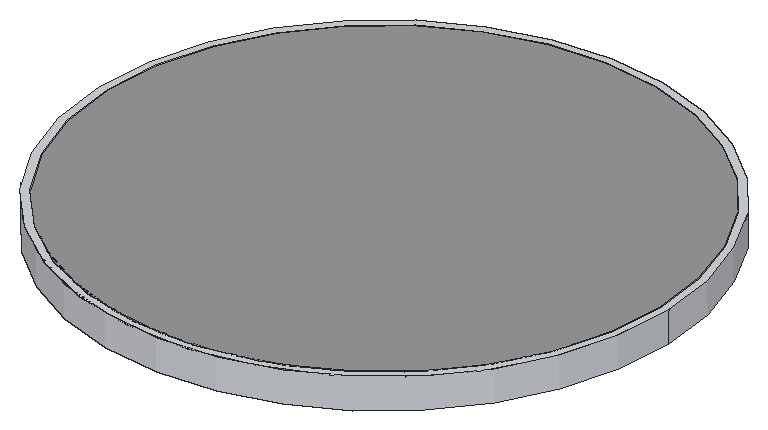
Revit family "2071307", category Lighting Fixtures, host Face, Revit 2018
Family settings
  Host = Face
  Round Connector Dimension = Use Diameter
  Part Type = Junction Box
  OmniClass Number = 23.80.70.00
  OmniClass Title = Lighting
  Cut with Voids When Loaded = No
  Light Source = Yes
  Shared = No
  Room Calculation Point = No
Parameters (values of type "2071307 COLOSSAL 1200 830 OP DIR+H WHT SSA02")
  iner diameter = 1168 mm
  Weight = "n/a"
  Wattage Comments = ""
  Wattage = 30 W
  WarrantyStartDate [instance] = "n/a"
  WarrantyGuarantorParts = "n/a"
  WarrantyDurationUnit = "n/a"
  WarrantyDurationParts = ""
  WarrantyDescription = "http://www.sylvania-lighting.com"
  built-in parameter 1150110 = 1 (stored number, unit not read)
  Voltage = 230 V
  URL = "0.95"
  TypeName = "COLOSSAL 1200mm 830 OPAL DIR+HAL WHITE SSA02"
  Type Image = <None>
  Type Comments = "n/a"
  built-in parameter 1114217 = 1 (stored number, unit not read)
  Tilt Angle = -90.00°
  built-in parameter 1150109 = 1 (stored number, unit not read)
  built-in parameter 1150134 = (empty or 0)
  built-in parameter 1150113 = 1 (stored number, unit not read)
  SerialNumber [instance] = "n/a"
  Photometric Web File = "2071307.ies"
  Material_3_SYL = LED-Sylvania
  PowerFactor = 0
  PowerConsumption = "Lighting"
  NominalLength = 1168 mm
  NominalHeight = 93 mm
  NominalDepth = 1168 mm
  Name = "COLOSSAL 1200mm 830 OPAL DIR+HAL WHITE SSA02"
  ModelReference = Name  # "COLOSSAL 1200mm 830 OPAL DIR+HAL WHITE SSA02"
  ModelNumber = "2071307"
  Model = Name  # "COLOSSAL 1200mm 830 OPAL DIR+HAL WHITE SSA02"
  Material = "Feilo Sylvania"
  ManufacturerName = "138 lm/W"
  Manufacturer = ""
  LuminousEfficacy = ""
  built-in parameter 1150105 = 270.44 (stored number, unit not read)
  Lumens = 3398.4 lm
  LuminaireType = "0"
  built-in parameter 1150115 = 1 (stored number, unit not read)
  LightOutputRatio = "LED"
  built-in parameter 1150137 = (empty or 0)
  built-in parameter 1150139 = (empty or 0)
  LampsType = Lamp  # "n/a"
  LampNominalLuminous = "3000 K"
  LampMacAdamStep = "80"
  LampColourTemperature = "LED"
  LampColourRenderingIndex = "16500"
  built-in parameter 1150112 = 1 (stored number, unit not read)
  built-in parameter 1150114 = 1 (stored number, unit not read)
  Lamp = "n/a"
  Keynote = "n/a"
  InstallationDate [instance] = "n/a"
  InputVoltage = "0"
  InputNominalFrequency = "3000"
  built-in parameter 1150132 = (empty or 0)
  built-in parameter 1150102 = (empty or 0)
  built-in parameter 1150107 = 3000 (stored number, unit not read)
  built-in parameter 1150138 = (empty or 0)
  IngressProtection = "IfcLightFixtureType"
  ImpactProtectionIndex = "IfcLightFixtureType"
  built-in parameter 1150106 = 2.7044 (stored number, unit not read)
  IfcExportType = "IfcLightFixtureType"
  IfcExportAs = "Class I"
  Emit from Circle Diameter = 385 mm
  Emit Shape Visible in Rendering = no
  ElectricShockClassification = "138"
  built-in parameter 1150104 = 10.524 (stored number, unit not read)
  DocumentationLiterature = "http://www.sylvania-lighting.com/product/en-int/products/2071307"
  DimmingControlOptions = "n/a"
  Material_2_SYL = Polycarbonate_Sylvania_White
  Dimming Lamp Color Temperature Shift = <None>
  Description = "1200mm diameter circular architectural luminaire, can be surface mounted or suspended. Powder coated aluminium housing (RAL9016) with polycarbonate opal diffuser. Direct/indirect (halo) light distribution, 21130lm luminuous flux, 153.6W system power, 138lm/W luminiaire efficacy. Sylsmart Connected enabled. Colour rendering index Ra >80, 3000K Warm White LED, chromaticity tolerance of 3-step MacAdam ellipse. IP40/IP20, IK03. 450mA drive current. Electrical protection Class1, 220-240V. Reported lifetime 66k hours L90B10."
  Default Elevation = 1219.2 mm
  CreatedOn = "23/03/2022"
  CreatedBy = "@sylvania-lighting.com"
  Cost = 0
  Color Filter = 16777215
  built-in parameter 1114216 [instance] = (empty or 0)
  ClassificationValue = "EF_70_80"
  ClassificationName = "Uniclass2015"
  Material_1_SYL = Polycarbonate_Sylvania_Opal
  BarCode [instance] = "n/a"
  built-in parameter 1114218 = 1 (stored number, unit not read)
  built-in parameter 1150133 = 10 (stored number, unit not read)
  AssetType = "Fixed"
  AssetIdentifier [instance] = "n/a"
  Assembly Code = "D5020200"
  Apparent Load = 153.6 VA
  Material_4_SYL = none
Reference planes
  plane 1 "Center (Front/Back)": y = 0
  plane 2: z = 0
  plane 3 "Center (Left/Right)": x = 0
  plane 4: z = 1.161
  plane 5: z = 16.161
  plane 6: y = 584
  plane 7: y = -584
  plane 8: x = 85
  plane 9: x = -85
  plane 10: through (0, 0, 1219.2) normal (0.5, 0.866, 0)
  plane 11: through (42.5, 73.612, 1219.2) normal (0.5, 0.866, 0)
  plane 12: through (-42.5, -73.612, 1219.2) normal (0.5, 0.866, 0)
  plane 13: through (0, 0, 1219.2) normal (0.5, -0.866, 0)
  plane 14: through (-42.5, 73.612, 1219.2) normal (0.5, -0.866, 0)
  plane 15: through (42.5, -73.612, 1219.2) normal (0.5, -0.866, 0)
  plane 16: z = 93
  plane 17: y = 584
  plane 18: y = -584
  plane 19: y = -429
  plane 20: x = -584
  plane 21: x = 584
Forms (mm)
  Extrusion 1, solid, detail levels medium+fine
    sketch origin (0, 0, 0) x (0.866025, -0.5, 0) y (0.5, 0.866025, 0)
      loop
        circle (-50, 86.603) r 22
    from 0 to 2
  Extrusion 2, solid, detail levels medium+fine
    sketch origin (0, 0, 0) x (0.866025, -0.5, 0) y (0.5, 0.866025, 0)
      loop
        circle (100, 0) r 22
      loop
        circle (-50, -86.603) r 22
    from 0 to 2
  Extrusion 3, solid, detail levels medium+fine
    sketch origin (0, 0, 0) x (1, 0, 0) y (0, 1, 0)
      loop
        circle (0, 0) r 584
    from 30 to 93
  Extrusion 4, void
    sketch origin (0, 0, 0) x (1, 0, 0) y (0, 1, 0)
      loop
        circle (0, 0) r 568
    from 96.588 to 37.292
  Extrusion 5, solid, material "Glass, White, High Luminance", detail levels fine
    sketch origin (0, 0, 0) x (1, 0, 0) y (0, 1, 0)
      loop
        circle (0, 0) r 568
    from 88.022 to 93
  Extrusion 6, solid, detail levels coarse
    sketch origin (0, 0, 0) x (1, 0, 0) y (0, 1, 0)
      loop
        line (-584, 584) -> (-584, -584) -> (584, -584) -> (584, 584) -> (-584, 584)
    from 0 to 93
  Blend 7, solid, detail levels medium+fine
    base sketch origin (-10.814, 11.299, 29.922) x (1, 0, 0) y (0, 1, 0)
      loop
        line (-402.654, -330.622) -> (397.346, -330.622) -> (482.346, -183.398) -> (82.346, 509.423) -> (-87.654, 509.423) -> (-487.654, -183.398) -> (-402.654, -330.622)
    top sketch origin (-10.814, 11.299, 29.922) x (1, 0, 0) y (0, 1, 0)
      loop
        line (-363.391, -306.496) -> (364.632, -306.496) -> (449.632, -159.272) -> (87.132, 468.597) -> (-82.868, 468.597) -> (-445.368, -159.272) -> (-363.391, -306.496)
    from 0 to -30
Cuts and joins
  Extrusion 4 cuts Extrusion 1
  Extrusion 4 cuts Extrusion 2
  Extrusion 4 cuts Extrusion 3
Lines and regions (mm)
  model lines, detail levels medium+fine
    curve 1: circle (0, 0, 0) r 155 normal (0, 0, 1)
  reference lines
    curve 2: circle (0, 0, 0) r 489 normal (0, 0, 1)
    curve 3: circle (0, 0, 0) r 521 normal (0, 0, 1)
    curve 4: line (0, 0, 0) -> (606.218, -350, 0)
    curve 5: line (0, 0, 0) -> (0, 825, 0)
    curve 6: line (0, 0, 0) -> (-623.538, -360, 0)
    curve 7: line (639.013, -270.785, 0) -> (85, 49.075, 0)
    curve 8: line (563.718, -423.612, 0) -> (0, -98.15, 0)
    curve 9: line (85, 49.075, 0) -> (85, 825, 0)
    curve 10: line (-85, 49.075, 0) -> (-85, 825, 0)
    curve 11: line (-85, 49.075, 0) -> (-666.038, -286.388, 0)
    curve 12: line (-581.038, -433.612, 0) -> (0, -98.15, 0)
Dimensions and locks
  plane 4 to level = 1.161 mm
  locked: plane 5 to plane 4 at 15
  "NominalDepth": plane 6 to plane 7
  plane 6 to plane 1 "Center (Front/Back)" to plane 7 = 584 mm, 584 mm
  "NominalHeight": level to plane 16
  equal spacing: plane 17, plane 1 "Center (Front/Back)", plane 18
  "NominalLength": plane 20 to plane 21
  equal spacing: plane 20, plane 3 "Center (Left/Right)", plane 21
  aligned and locked: plane 2 to host face
  aligned and locked: level to host face
  aligned and locked: plane 6 to Extrusion 6
Automatic sketch dimensions
  host sketch curve to host sketch curve = 2438.4 mm  (x2)
  Extrusion 1 sketch curve to plane 3 "Center (Left/Right)" = 0 mm
  Extrusion 1 sketch curve to plane 1 "Center (Front/Back)" = 100 mm
  plane 1 "Center (Front/Back)" to Extrusion 2 sketch curve = 50 mm
  Extrusion 2 sketch curve to plane 3 "Center (Left/Right)" = 86.603 mm
  Extrusion 2 sketch curve to Extrusion 2 sketch curve = 150 mm
  Extrusion 2 sketch curve to Extrusion 2 sketch curve = 86.603 mm
  plane 1 "Center (Front/Back)" to curve 1 = 0 mm
  curve 1 to plane 3 "Center (Left/Right)" = 0 mm
  plane 1 "Center (Front/Back)" to Extrusion 3 sketch curve = 0 mm
  Extrusion 3 sketch curve to plane 3 "Center (Left/Right)" = 0 mm
  plane 1 "Center (Front/Back)" to Extrusion 4 sketch curve = 0 mm
  Extrusion 4 sketch curve to plane 3 "Center (Left/Right)" = 0 mm
  plane 1 "Center (Front/Back)" to Extrusion 5 sketch curve = 0 mm
  Extrusion 5 sketch curve to plane 3 "Center (Left/Right)" = 0 mm
  curve 2 to curve 3 = 0 mm  (x2)
  curve 11 to plane 14 = 0 mm
  curve 6 to plane 13 = 0 mm
  curve 12 to plane 15 = 0 mm
  curve 10 to plane 9 = 0 mm
  curve 12 to plane 3 "Center (Left/Right)" = 0 mm
  plane 1 "Center (Front/Back)" to curve 3 = 0 mm
  curve 3 to plane 3 "Center (Left/Right)" = 0 mm
  curve 7 to plane 8 = 0 mm
  curve 11 to plane 10 = 0 mm
  curve 12 to plane 19 = 4.612 mm
  plane 19 to curve 6 = 69 mm
  plane 19 to curve 11 = 142.612 mm
  plane 19 to curve 8 = 5.388 mm
  plane 19 to curve 4 = 79 mm
  plane 19 to curve 7 = 158.215 mm
  plane 6 to curve 5 = 241 mm
  curve 10 to curve 5 = 0 mm
  curve 5 to curve 9 = 0 mm
  plane 1 "Center (Front/Back)" to curve 6 = 0 mm
  curve 6 to plane 3 "Center (Left/Right)" = 0 mm
  Extrusion 6 sketch curve to plane 7 = 0 mm
  Extrusion 6 sketch curve to plane 6 = 0 mm
  Blend 7 sketch curve to plane 6 = 756.098 mm  (x2)
  Blend 7 sketch curve to Blend 7 sketch curve = 85 mm
  plane 3 "Center (Left/Right)" to Blend 7 sketch curve = 386.532 mm
  plane 8 to Blend 7 sketch curve = 386.532 mm
  Blend 7 sketch curve to plane 6 = 63.278 mm
  Blend 7 sketch curve to plane 6 = 731.972 mm  (x2)
  Blend 7 sketch curve to Blend 7 sketch curve = 81.977 mm
  plane 3 "Center (Left/Right)" to Blend 7 sketch curve = 353.818 mm
  plane 8 to Blend 7 sketch curve = 353.818 mm
  Blend 7 sketch curve to plane 6 = 104.104 mm
  plane 12 to curve 8 = 0 mm
  plane 19 to Blend 7 sketch curve = 109.677 mm
  plane 19 to Blend 7 sketch curve = 133.803 mm
  plane 8 to Extrusion 6 sketch curve = 499 mm
  Extrusion 6 sketch curve to plane 9 = 499 mm
  Blend 7 sketch curve to plane 8 = 13.468 mm
  Blend 7 sketch curve to plane 9 = 13.468 mm
  Blend 7 sketch curve to plane 9 = 328.468 mm
  Blend 7 sketch curve to plane 8 = 8.682 mm
  Blend 7 sketch curve to plane 9 = 8.682 mm
  Blend 7 sketch curve to plane 9 = 289.205 mm
  plane 10 to curve 4 = 0 mm
  plane 11 to curve 7 = 0 mm
  curve 12 to plane 12 = 0 mm
  curve 9 to plane 11 = 0 mm
  radius of Extrusion 1 sketch curve = 22 mm
  radius of Extrusion 2 sketch curve = 22 mm  (x2)
  radius of curve 1 = 155 mm
  radius of Extrusion 3 sketch curve = 584 mm
  radius of Extrusion 4 sketch curve = 568 mm
  radius of Extrusion 5 sketch curve = 568 mm
  radius of curve 2 = 489 mm
  radius of curve 3 = 521 mm
Connectors
  electrical at (0, 0, 30)
    settings: on cut or joined group of Extrusion 3, Extrusion 4, index 1, voltage 0 V, apparent load 0 VA, apparent load phase1 0 VA, apparent load phase2 0 VA, apparent load phase3 0 VA, power factor 1, load classification "Other", number of poles 1, system type 31, power factor state 1, is connector primary yes, connector utility no, sub classification motor no, connector description ""
